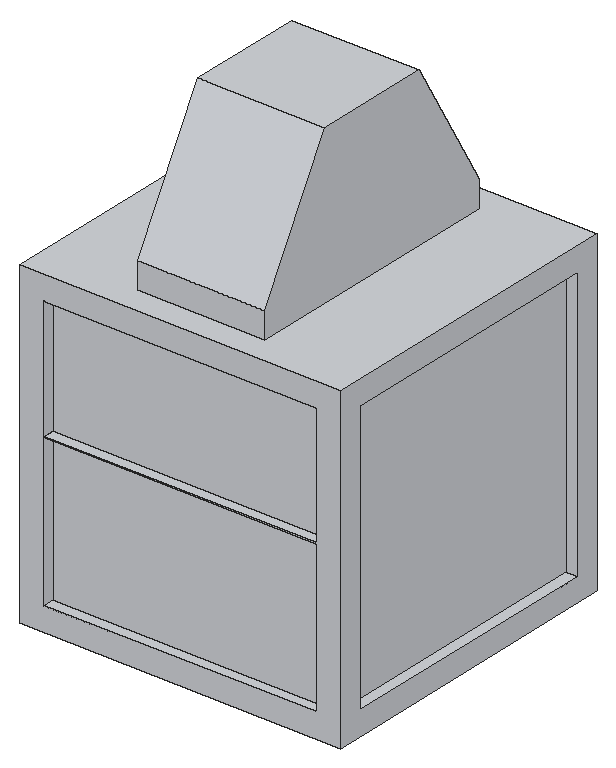
Revit family "DHUMAT", category Modelos genéricos, Revit 2017
Family settings
  Puede alojar armadura = No
  Cota de conector redondo = Diámetro de uso
  Tipo de pieza = Normal
  Se basa en plano de trabajo = No
  Siempre vertical = Sí
  Corte con vacíos al cargar = No
  Compartido = No
  Punto de cálculo de habitación = No
Parameters (values of type "DHUMAT 400-450")
  esp = 1.5 mm
  c = 585 mm
  b = 254.8 mm
  a = 286 mm
  URL = "www.casals.com"
  L2 = 329.3 mm
  L1 = 264.9 mm
  L = 595.7 mm
  H = 278 mm
  Fabricante = "Casals Ventilación"
  E = 343.5 mm
  B = 700 mm
  A = 700 mm
Types (7, lengths in mm): name | c | b | a | L2 | L1 | L | H | E | B | A
  (no name) | 585 | 254.8 | 286 | 329.3 | 264.9 | 595.7 | 278 | 343.5 | 700 | 700
  DHUMAT 315-355 | 485 | 254 | 200 | 313.1 | 181.1 | 495.7 | 278 | 312 | 600 | 600
  DHUMAT 400-450 | 585 | 254.8 | 286 | 329.3 | 264.9 | 595.7 | 278 | 343.5 | 700 | 700
  DHUMAT 500-560 | 785 | 507.9 | 240 | 479.9 | 314.3 | 795.7 | 338 | 343.5 | 900 | 900
  DHUMAT 630 | 885 | 507.4 | 327 | 527.4 | 366.8 | 895.7 | 338 | 376 | 1000 | 1000
  DHUMAT 710-800 | 1085 | 688.4 | 343.5 | 653.7 | 440.5 | 1095.7 | 374 | 456.5 | 1200 | 1200
  DHUMAT 900-1000 | 1371 | 838.7 | 461 | 827.2 | 553 | 1381.7 | 441 | 563 | 1500 | 1500
Reference planes
  plane 1 "Centro (Frontal/Posterior)": y = 0
  plane 2: z = 0
  plane 3 "Centro (Izquierda/Derecha)": x = 0
  plane 4: z = 700
  plane 5: z = 1043.5
  plane 6: x = -350
  plane 7: x = 350
  plane 8: y = -350
  plane 9: y = 350
  plane 10: x = -139
  plane 11: x = 139
  plane 12: z = 647.85
  plane 13: z = 52.15
  plane 14: x = -297.85
  plane 15: x = 297.85
  plane 16: z = 350
  plane 17: y = -297.85
  plane 18: y = 297.85
  plane 19: z = 757.5
  plane 20: y = -292.5
  plane 21: y = 292.5
  plane 22: y = -127.4
  plane 23: y = 127.4
  plane 24: z = 381.45
  plane 25: y = -325
  plane 26: y = 325
  plane 27: x = -325
  plane 28: x = 325
  plane 29: z = 382.95
  plane 30: z = 382.95
  plane 31: z = 381.45
Forms (mm)
  Extrusion 1, solid
    sketch origin (0, 0, 0) x (1, 0, 0) y (0, 0, 1)
      loop
        line (-350, 700) -> (-350, 0) -> (350, 0) -> (350, 700) -> (-350, 700)
    from -350 to 350
  Extrusion 2, solid
    sketch origin (0, 0, 0) x (1, 0, 0) y (0, 0, 1)
      loop
        line (-350, 700) -> (-350, 0) -> (350, 0) -> (350, 700) -> (-350, 700)
    from -350 to 350
  Extrusion 3, solid
    sketch origin (0, 0, 0) x (0, 1, 0) y (0, 0, 1)
      loop
        line (-292.5, 700) -> (292.5, 700) -> (292.5, 757.5) -> (127.4, 1043.5) -> (-127.4, 1043.5) -> (-292.5, 757.5) -> (-292.5, 700)
    from -139 to 139
  Extrusion 4, void
    sketch origin (0, 0, 0) x (1, 0, 0) y (0, 0, 1)
      loop
        line (297.85, 647.85) -> (-297.85, 647.85) -> (-297.85, 52.15) -> (297.85, 52.15) -> (297.85, 647.85)
    from 325 to 350
  Extrusion 5, void
    sketch origin (0, 0, 0) x (1, 0, 0) y (0, 0, 1)
      loop
        line (297.85, 647.85) -> (-297.85, 647.85) -> (-297.85, 52.15) -> (297.85, 52.15) -> (297.85, 647.85)
    from -350 to -325
  Extrusion 6, void
    sketch origin (0, 0, 0) x (0, 1, 0) y (0, 0, 1)
      loop
        line (-297.85, 647.85) -> (-297.85, 52.15) -> (297.85, 52.15) -> (297.85, 647.85) -> (-297.85, 647.85)
    from 325 to 350
  Extrusion 7, void
    sketch origin (0, 0, 0) x (0, 1, 0) y (0, 0, 1)
      loop
        line (297.85, 647.85) -> (-297.85, 647.85) -> (-297.85, 52.15) -> (297.85, 52.15) -> (297.85, 647.85)
    from -350 to -325
  Extrusion 8, solid
    sketch origin (0, 0, 0) x (1, 0, 0) y (0, 0, 1)
      loop
        line (-297.85, 382.95) -> (-297.85, 381.45) -> (297.85, 381.45) -> (297.85, 382.95) -> (-297.85, 382.95)
    from 325 to 350
  Extrusion 9, solid
    sketch origin (0, 0, 0) x (1, 0, 0) y (0, 0, 1)
      loop
        line (297.85, 382.95) -> (-297.85, 382.95) -> (-297.85, 381.45) -> (297.85, 381.45) -> (297.85, 382.95)
    from -350 to -325
Cuts and joins
  Extrusion 4, Extrusion 5, Extrusion 6, Extrusion 7 cuts Extrusion 1
  Extrusion 4, Extrusion 5, Extrusion 6, Extrusion 7 cuts Extrusion 2
  joined: Extrusion 1, Extrusion 2, Extrusion 8, Extrusion 9
Dimensions and locks
  equal spacing: plane 7, plane 3 "Centro (Izquierda/Derecha)", plane 6
  "A": plane 4 to level
  "E": plane 5 to plane 4
  "B": plane 7 to plane 6
  equal spacing: plane 8, plane 1 "Centro (Frontal/Posterior)", plane 9
  "B": plane 8 to plane 9
  equal spacing: plane 11, plane 3 "Centro (Izquierda/Derecha)", plane 10
  "H": plane 11 to plane 10
  equal spacing: plane 15, plane 3 "Centro (Izquierda/Derecha)", plane 14
  "L": plane 15 to plane 14
  equal spacing: plane 4, plane 16, level
  equal spacing: plane 12, plane 16, plane 13
  "L": plane 12 to plane 13
  equal spacing: plane 17, plane 1 "Centro (Frontal/Posterior)", plane 18
  "L": plane 17 to plane 18
  equal spacing: plane 22, plane 1 "Centro (Frontal/Posterior)", plane 23
  "b": plane 22 to plane 23
  equal spacing: plane 20, plane 1 "Centro (Frontal/Posterior)", plane 21
  "c": plane 20 to plane 21
  "a": plane 5 to plane 19
  "L2": plane 24 to plane 13
  locked: plane 8 to plane 25 at 25
  locked: plane 26 to plane 9 at 25
  locked: plane 7 to plane 28 at 25
  locked: plane 27 to plane 6 at 25
  "esp": plane 29 to plane 24
  "L1": plane 30 to plane 12
  "esp": plane 31 to plane 30
  aligned and locked: level to plane 2
  aligned and locked: Extrusion 1 sketch curve to plane 4
  aligned and locked: plane 6 to Extrusion 1 sketch curve
  aligned and locked: plane 2 to Extrusion 1 sketch curve
  aligned and locked: Extrusion 1 to plane 8
  aligned and locked: plane 9 to Extrusion 1
  aligned and locked: Extrusion 2 sketch curve to Extrusion 1
  aligned and locked: plane 2 to Extrusion 2 sketch curve
  aligned and locked: Extrusion 2 to plane 8
  aligned and locked: plane 9 to Extrusion 2
  aligned and locked: Extrusion 3 to plane 10
  aligned and locked: plane 11 to Extrusion 3
  aligned and locked: plane 12 to Extrusion 4 sketch curve
  aligned and locked: Extrusion 4 sketch curve to plane 14
  aligned and locked: Extrusion 1 to Extrusion 4
  aligned and locked: plane 15 to Extrusion 5 sketch curve
  aligned and locked: Extrusion 5 sketch curve to plane 13
  aligned and locked: Extrusion 1 to Extrusion 5
  aligned and locked: plane 17 to Extrusion 6 sketch curve
  aligned and locked: plane 13 to Extrusion 6 sketch curve
  aligned and locked: plane 7 to Extrusion 6
  aligned and locked: plane 12 to Extrusion 7 sketch curve
  aligned and locked: Extrusion 7 sketch curve to plane 17
  aligned and locked: Extrusion 7 to plane 6
  aligned and locked: plane 25 to Extrusion 4
  aligned and locked: Extrusion 5 to plane 26
  aligned and locked: Extrusion 6 to plane 28
  aligned and locked: plane 27 to Extrusion 7
  aligned and locked: Extrusion 8 sketch curve to plane 29
  aligned and locked: Extrusion 8 sketch curve to plane 15
  aligned and locked: Extrusion 8 to plane 8
  aligned and locked: plane 25 to Extrusion 8
  aligned and locked: plane 30 to Extrusion 9 sketch curve
  aligned and locked: Extrusion 9 sketch curve to plane 31
  aligned and locked: Extrusion 9 sketch curve to plane 14
  aligned and locked: plane 9 to Extrusion 9
  aligned and locked: Extrusion 9 to plane 26
Automatic sketch dimensions
  Extrusion 1 sketch curve to plane 7 = 0 mm
  Extrusion 2 sketch curve to plane 6 = 0 mm
  Extrusion 2 sketch curve to plane 7 = 0 mm
  Extrusion 3 sketch curve to plane 20 = 0 mm
  Extrusion 3 sketch curve to plane 4 = 0 mm
  Extrusion 3 sketch curve to plane 5 = 0 mm
  Extrusion 3 sketch curve to plane 22 = 0 mm
  Extrusion 3 sketch curve to plane 23 = 0 mm
  Extrusion 3 sketch curve to plane 21 = 0 mm
  Extrusion 3 sketch curve to plane 19 = 0 mm  (x2)
  Extrusion 4 sketch curve to plane 13 = 0 mm
  Extrusion 4 sketch curve to plane 15 = 0 mm
  Extrusion 5 sketch curve to plane 12 = 0 mm
  Extrusion 5 sketch curve to plane 14 = 0 mm
  Extrusion 6 sketch curve to plane 18 = 0 mm
  Extrusion 6 sketch curve to plane 12 = 0 mm
  Extrusion 7 sketch curve to plane 13 = 0 mm
  Extrusion 7 sketch curve to plane 18 = 0 mm
  Extrusion 8 sketch curve to plane 14 = 0 mm
  Extrusion 8 sketch curve to plane 24 = 0 mm
  Extrusion 9 sketch curve to plane 15 = 0 mm
Connectors
  hvac at (0, -350, 216.8), driven by "L2", driven by "L"
    settings: on cut or joined group 1 (Extrusion 1, Extrusion 2, Extrusion 4, Extrusion 5, Extrusion 6, Extrusion 7, Extrusion 8, Extrusion 9), index 1, duct flow 0.0 L/s, flow factor 0, pres drop 0.0 Pa, loss coef 0, conn angle 0.00°, conn width 595.7 mm, conn height 329.3 mm, conn diameter 609.6 mm, duct sys type 1, conn prof type 1, flow config 0, flow direction 1, loss method 0, conn ref index -1, conn util no, is conn primary yes, conn desc ""
  hvac at (0, 350, 515.4), driven by "L1", driven by "L"
    settings: on cut or joined group 1, index 2, duct flow 0.0 L/s, flow factor 0, pres drop 0.0 Pa, loss coef 0, conn angle 0.00°, conn width 595.7 mm, conn height 264.9 mm, conn diameter 609.6 mm, duct sys type 1, conn prof type 1, flow config 0, flow direction 2, loss method 0, conn ref index -1, conn util no, is conn primary no, conn desc ""
